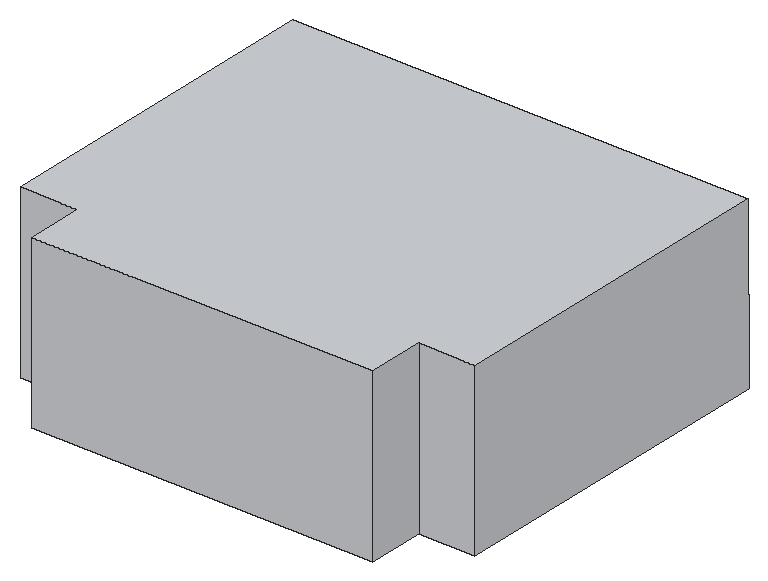
Revit family "ffe72b3961b94ef8b89081459033ea07", category Duct Fittings, Revit 2021
Family settings
  Round Connector Dimension = Use Diameter
  Part Type = Tee
  OmniClass Number = 23.75.70.14
  OmniClass Title = Air Ductwork
  Seek Item ID = Rectangular Reducing Tee - DTL-0000-USA-ENU
  Work Plane-Based = No
  Always vertical = Yes
  Cut with Voids When Loaded = No
  Shared = No
Parameters (values of type "Standard")
  Straight Out Right [instance] = 6"
  Straight Out Left [instance] = 6"
  Straight In Right [instance] = 6"
  Straight In Left [instance] = 6"
  Offset [instance] = (Width Out Left - Width Out Right) * 0.25 + Half Width Out Right  # 18"
  Width In [instance] = 36"
  Width Out Right [instance] = 36"
  Width Out Left [instance] = 36"
  Length 8 [instance] = 10' 0" + abs(Half Width Out Right - Half Width Out Left) / 2  # 120"
  Half Width Out Right [instance] = Width Out Right / 2  # 18"
  Half Width Out Left [instance] = Width Out Left / 2  # 18"
  Length 7 [instance] = Length 6 + Width Out Right / 2  # 42"
  Length 6 [instance] = if(Width Out Left > Width Out Right, Length 5 - Half Width Out Right, Length 5 - Half Width Out Right)  # 24"
  Length 5 [instance] = if(Width Out Left > Width Out Right, Width Out Left + Straight In Left, Width Out Right + Straight In Right)  # 42"
  Length 4 [instance] = Width In / 2 + Straight Out Right  # 24"
  Length 3 [instance] = Width In / 2 + Straight Out Left  # 24"
  Depth In [instance] = 18"
  Default Elevation = 0' - 0"
Reference planes (in)
  plane 1 "Center (Front/Back)": y = 0
  plane 2: z = 0
  plane 3 "Center (Left/Right)": x = 0
  plane 4: y = 18
  plane 5: y = 0
  plane 6: y = 0
  plane 7: y = -24
  plane 8: y = -120
  plane 9: y = 0
  plane 10: y = 0.01
Forms (in)
  Sweep 1, solid, detail levels medium+fine
    path in 3D
      loop
        line (0, 0, 0) -> (-24, 0, 0)
    profile "Duct - Rectangular : Duct - Rectangular 1" origin (-12, 0, 0) x (0, -1, 0) y (0, 0, 1)
      loop
        line (-18, 9) -> (-18, -9) -> (18, -9) -> (18, 9) -> (-18, 9)
  Sweep 2, solid, detail levels medium+fine
    path in 3D
      loop
        line (0, 0, 0) -> (24, 0, 0)
    profile "Duct - Rectangular : Duct - Rectangular 2" origin (12, 0, 0) x (0, 1, 0) y (0, 0, 1)
      loop
        line (-18, 9) -> (-18, -9) -> (18, -9) -> (18, 9) -> (-18, 9)
  Sweep 3, solid, detail levels medium+fine
    path in 3D
      loop
        line (0, 18, 0) -> (0, -24, 0)
    profile "Duct - Rectangular : Duct - Rectangular 3" origin (0, -3, 0) x (1, 0, 0) y (0, 0, 1)
      loop
        line (-18, 9) -> (-18, -9) -> (18, -9) -> (18, 9) -> (-18, 9)
Cuts and joins
  joined: Sweep 1, Sweep 2, Sweep 3
Lines and regions (in)
  model lines, detail levels coarse
    curve 1: line (0, 0, 0) -> (-24, 0, 0)
    curve 2: line (0, 0, 0) -> (24, 0, 0)
    curve 9: line (0, 0.01, 0) -> (0, -24, 0)
  sketch lines
    curve 3: line (0, 0, 0) -> (-24, 0, 0)
    curve 4: line (0, 0, 0) -> (24, 0, 0)
    curve 6: line (0, 18, 0) -> (0, -24, 0)
  reference lines
    curve 5: line (0, 18, 0) -> (0, -24, 0)
    curve 7: line (0, -24, 0) -> (0, 18, 0)
    curve 8: line (0, 48.22536, 0) -> (0, 26.22536, 0)
Dimensions and locks (in)
  "Offset": plane 1 "Center (Front/Back)" to plane 4
  "Half Width Out Right": plane 5 to plane 4
  "Half Width Out Left": plane 6 to plane 4
  "Length 3": curve 1 to curve 1
  "Length 4": curve 2 to curve 2
  "Length 5": curve 5 to curve 5
  "Length 6": plane 7 to plane 5
  "Length 7": curve 7 to curve 7
  locked: plane 1 "Center (Front/Back)" to plane 8 at 120
  "Length 8": plane 9 to plane 8
  locked: plane 10 to plane 9 at 0.01
  aligned and locked: plane 6 to curve 1
  aligned and locked: plane 3 "Center (Left/Right)" to curve 2
  aligned and locked: plane 4 to curve 5
  aligned and locked: curve 5 to plane 3 "Center (Left/Right)"
  aligned and locked: plane 7 to curve 7
  aligned and locked: plane 3 "Center (Left/Right)" to curve 7
  aligned and locked: curve 8 to plane 3 "Center (Left/Right)"
  aligned and locked: plane 10 to curve 9
  aligned and locked: plane 7 to curve 9
  aligned and locked: curve 9 to plane 3 "Center (Left/Right)"
Automatic sketch dimensions
  curve 8 to plane 4 = 0' - 8.22536"
  curve 8 to curve 8 = 1' - 10"
  curve 1 to plane 3 "Center (Left/Right)" = 0' - 0"
  plane 5 to curve 2 = 0' - 0"
Connectors (in)
  hvac at (-24, 0, 0), driven by "Depth In", driven by "Width Out Left"
    settings: on Sweep 1, index 1, duct flow 0 CFM, flow factor 0, pres drop 0.00 in-wg, loss coef 0, conn angle 0.00°, conn width 36", conn height 18", conn diameter 24", duct sys type 28, conn prof type 1, flow config 0, flow direction 0, loss method 0, conn ref index 2, conn util no, is conn primary yes, conn desc ""
  hvac at (24, 0, 0), driven by "Depth In", driven by "Width Out Right"
    settings: on Sweep 2, index 2, duct flow 0 CFM, flow factor 0, pres drop 0.00 in-wg, loss coef 0, conn angle 0.00°, conn width 36", conn height 18", conn diameter 24", duct sys type 28, conn prof type 1, flow config 0, flow direction 0, loss method 0, conn ref index 1, conn util no, is conn primary no, conn desc ""
  hvac at (0, -24, 0), driven by "Depth In", driven by "Width In"
    settings: on Sweep 3, index 3, duct flow 0 CFM, flow factor 0, pres drop 0.00 in-wg, loss coef 0, conn angle 0.00°, conn width 36", conn height 18", conn diameter 24", duct sys type 28, conn prof type 1, flow config 0, flow direction 0, loss method 0, conn ref index -1, conn util no, is conn primary no, conn desc ""
